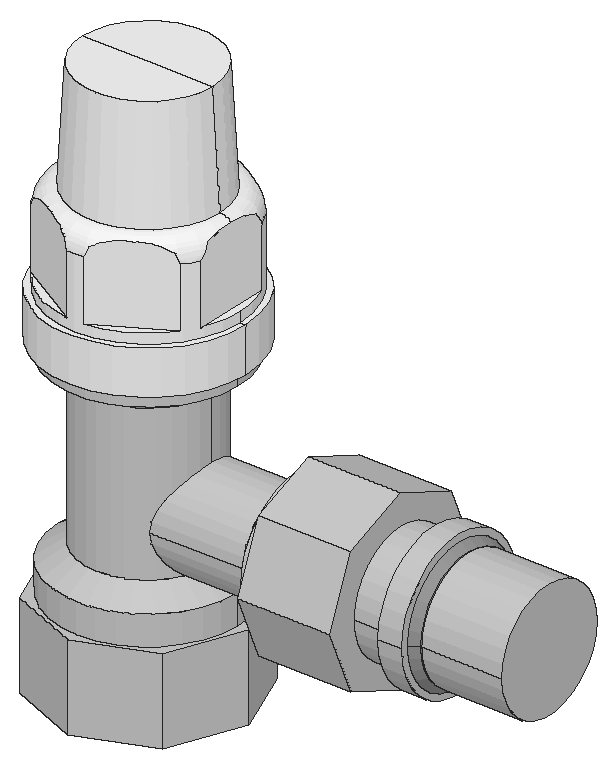
Revit family "PA_Арматура трубопроводов [клапан термостатический угловой, VT.031.NR]1 - VALTEC", category Арматура трубопроводов, Revit 2018
Family settings
  Размер круглого соединителя = Использовать диаметр
  Тип детали = Вставляется
  На основе рабочей плоскости = Нет
  Всегда вертикально = Да
  При загрузке вырезать с полостями = Нет
  Общий = Нет
Parameters (values of type "VT.031.NR")
  Таблица 1 = "PA_Арматура трубопроводов [клапан термостатический угловой, VT.031.NR] - VALTEC - Таблица 1"  # constant formula
  Материал доп.1 = Черный - VALTEC
  Изготовитель = "VALTEC"  # constant formula
  Головка термостатическая [instance] = Колпачок : Колпачок
  d9 [instance] = size_lookup(Таблица 1, "d9", 0 mm, D)  # 12.6 mm
  d8 [instance] = size_lookup(Таблица 1, "d8", 0 mm, D)  # 18.6 mm
  d7 [instance] = size_lookup(Таблица 1, "d7", 0 mm, D)  # 22.5 mm
  b7 [instance] = size_lookup(Таблица 1, "b7", 0 mm, D)  # 1.7 mm
  a6 [instance] = size_lookup(Таблица 1, "a6", 0 mm, D)  # 2.1 mm
  a5 [instance] = size_lookup(Таблица 1, "a5", 0 mm, D)  # 11.7 mm
  MM_Геометрия [instance] = if(Головка термостатическая = [1!!!НЕ ИЗМЕНЯТЬ!!!], MM_1!!!НЕ ИЗМЕНЯТЬ!!!, if(Головка термостатическая = [2!!!НЕ ИЗМЕНЯТЬ!!!], MM_2!!!НЕ ИЗМЕНЯТЬ!!!, if(Головка термостатическая = [3!!!НЕ ИЗМЕНЯТЬ!!!], MM_3!!!НЕ ИЗМЕНЯТЬ!!!, if(Головка термостатическая = [4!!!НЕ ИЗМЕНЯТЬ!!!], MM_4!!!НЕ ИЗМЕНЯТЬ!!!, if(Головка термостатическая = [5!!!НЕ ИЗМЕНЯТЬ!!!], MM_4!!!НЕ ИЗМЕНЯТЬ!!!, if(Головка термостатическая = [6!!!НЕ ИЗМЕНЯТЬ!!!], MM_5!!!НЕ ИЗМЕНЯТЬ!!!, if(Головка термостатическая = [7!!!НЕ ИЗМЕНЯТЬ!!!], MM_6!!!НЕ ИЗМЕНЯТЬ!!!, if(Головка термостатическая = [8!!!НЕ ИЗМЕНЯТЬ!!!], MM_6!!!НЕ ИЗМЕНЯТЬ!!!, if(Головка термостатическая = [9!!!НЕ ИЗМЕНЯТЬ!!!], MM_6!!!НЕ ИЗМЕНЯТЬ!!!, if(Головка термостатическая = [10!!!НЕ ИЗМЕНЯТЬ!!!], MM_6!!!НЕ ИЗМЕНЯТЬ!!!, if(Головка термостатическая = [11!!!НЕ ИЗМЕНЯТЬ!!!], MM_7!!!НЕ ИЗМЕНЯТЬ!!!, if(Головка термостатическая = [12!!!НЕ ИЗМЕНЯТЬ!!!], MM_7!!!НЕ ИЗМЕНЯТЬ!!!, if(Головка термостатическая = [13!!!НЕ ИЗМЕНЯТЬ!!!], MM_7!!!НЕ ИЗМЕНЯТЬ!!!, MM_8!!!НЕ ИЗМЕНЯТЬ!!!)))))))))))))  # MM_Обобщенные модели [колпачок, VT.031.NER] - VALTEC : VT.TE3042.0
  MM_8!!!НЕ ИЗМЕНЯТЬ!!! = MM_Обобщенные модели [колпачок, VT.031.NER] - VALTEC : VT.TE3042.0
  MM_7!!!НЕ ИЗМЕНЯТЬ!!! = MM_Обобщенные модели [сервопривод электрический, VT.TE3042] - VALTEC : VT.TE3042.0
  MM_6!!!НЕ ИЗМЕНЯТЬ!!! = MM_Обобщенные модели [сервопривод электрический, VT.TE3040] - VALTEC : VT.TE3040
  MM_5!!!НЕ ИЗМЕНЯТЬ!!! = MM_Обобщенные модели [cервопривод EQUICALOR, VT.AS1000] - VALTEC : VT.AS1000
  MM_4!!!НЕ ИЗМЕНЯТЬ!!! = MM_Обобщенные модели [головка термостатическая жидкостная, VT.5000.0] - VALTEC : VT.5000.0 - VT.5010.0
  MM_3!!!НЕ ИЗМЕНЯТЬ!!! = MM_Обобщенные модели [головка термостатическая жидкостная, VT.3000.0] - VALTEC : VT.3000.0
  MM_2!!!НЕ ИЗМЕНЯТЬ!!! = MM_Обобщенные модели [головка термостатическая жидкостная, VT.1500.0] - VALTEC : VT.1500.0
  MM_1!!!НЕ ИЗМЕНЯТЬ!!! = MM_Обобщенные модели [головка термостатическая твердотельная, VT.1000.0] - VALTEC : VT.1000.0
  ME_Информация [instance] = if(Головка термостатическая = [1!!!НЕ ИЗМЕНЯТЬ!!!], ME_1!!!НЕ ИЗМЕНЯТЬ!!!, if(Головка термостатическая = [2!!!НЕ ИЗМЕНЯТЬ!!!], ME_2!!!НЕ ИЗМЕНЯТЬ!!!, if(Головка термостатическая = [3!!!НЕ ИЗМЕНЯТЬ!!!], ME_3!!!НЕ ИЗМЕНЯТЬ!!!, if(Головка термостатическая = [4!!!НЕ ИЗМЕНЯТЬ!!!], ME_4!!!НЕ ИЗМЕНЯТЬ!!!, if(Головка термостатическая = [5!!!НЕ ИЗМЕНЯТЬ!!!], ME_5!!!НЕ ИЗМЕНЯТЬ!!!, if(Головка термостатическая = [6!!!НЕ ИЗМЕНЯТЬ!!!], ME_6!!!НЕ ИЗМЕНЯТЬ!!!, if(Головка термостатическая = [7!!!НЕ ИЗМЕНЯТЬ!!!], ME_7!!!НЕ ИЗМЕНЯТЬ!!!, if(Головка термостатическая = [8!!!НЕ ИЗМЕНЯТЬ!!!], ME_8!!!НЕ ИЗМЕНЯТЬ!!!, if(Головка термостатическая = [9!!!НЕ ИЗМЕНЯТЬ!!!], ME_9!!!НЕ ИЗМЕНЯТЬ!!!, if(Головка термостатическая = [10!!!НЕ ИЗМЕНЯТЬ!!!], ME_10!!!НЕ ИЗМЕНЯТЬ!!!, if(Головка термостатическая = [11!!!НЕ ИЗМЕНЯТЬ!!!], ME_11!!!НЕ ИЗМЕНЯТЬ!!!, if(Головка термостатическая = [12!!!НЕ ИЗМЕНЯТЬ!!!], ME_12!!!НЕ ИЗМЕНЯТЬ!!!, if(Головка термостатическая = [13!!!НЕ ИЗМЕНЯТЬ!!!], ME_13!!!НЕ ИЗМЕНЯТЬ!!!, ME_14!!!НЕ ИЗМЕНЯТЬ!!!)))))))))))))  # ME_Оборудование [колпачек] - VALTEC : ME_Оборудование [колпачек] - VALTEC
  ME_9!!!НЕ ИЗМЕНЯТЬ!!! = ME_Оборудование [сервопривод электрический, VT.TE3041.0.024] - VALTEC : ME_Оборудование [сервопривод электрический, VT.TE3041.0.024] - VALTEC
  ME_8!!!НЕ ИЗМЕНЯТЬ!!! = ME_Оборудование [сервопривод электрический, VT.TE3040.A.220] - VALTEC : ME_Оборудование [сервопривод электрический, VT.TE3040.A.220] - VALTEC
  ME_7!!!НЕ ИЗМЕНЯТЬ!!! = ME_Оборудование [сервопривод электрический, VT.TE3040.0.220] - VALTEC : ME_Оборудование [сервопривод электрический, VT.TE3040.0.220] - VALTEC
  ME_6!!!НЕ ИЗМЕНЯТЬ!!! = ME_Оборудование [cервопривод EQUICALOR, VT.AS1000] - VALTEC : ME_Оборудование [cервопривод EQUICALOR, VT.AS1000] - VALTEC
  ME_5!!!НЕ ИЗМЕНЯТЬ!!! = ME_Оборудование [головка термостатическая жидкостная, VT.5010.0] - VALTEC : ME_Оборудование [головка термостатическая жидкостная, VT.5010.0] - VALTEC
  ME_4!!!НЕ ИЗМЕНЯТЬ!!! = ME_Оборудование [головка термостатическая жидкостная, VT.5000.0] - VALTEC : ME_Оборудование [головка термостатическая жидкостная, VT.5000.0] - VALTEC
  ME_3!!!НЕ ИЗМЕНЯТЬ!!! = ME_Оборудование [головка термостатическая жидкостная, VT.3000.0] - VALTEC : ME_Оборудование [головка термостатическая жидкостная, VT.3000.0] - VALTEC
  ME_2!!!НЕ ИЗМЕНЯТЬ!!! = ME_Оборудование [головка термостатическая жидкостная, VT.1500.0] - VALTEC : ME_Оборудование [головка термостатическая жидкостная, VT.1500.0] - VALTEC
  ME_14!!!НЕ ИЗМЕНЯТЬ!!! = ME_Оборудование [колпачек] - VALTEC : ME_Оборудование [колпачек] - VALTEC
  ME_13!!!НЕ ИЗМЕНЯТЬ!!! = ME_Оборудование [сервопривод электрический, VT.TE3042.A.220] - VALTEC : ME_Оборудование [сервопривод электрический, VT.TE3042.A.220] - VALTEC
  ME_12!!!НЕ ИЗМЕНЯТЬ!!! = ME_Оборудование [сервопривод электрический, VT.TE3042.0.220] - VALTEC : ME_Оборудование [сервопривод электрический, VT.TE3042.0.220] - VALTEC
  ME_11!!!НЕ ИЗМЕНЯТЬ!!! = ME_Оборудование [сервопривод электрический, VT.TE3042.0.024] - VALTEC : ME_Оборудование [сервопривод электрический, VT.TE3042.0.024] - VALTEC
  ME_10!!!НЕ ИЗМЕНЯТЬ!!! = ME_Оборудование [сервопривод электрический, VT.TE3041.A.024] - VALTEC : ME_Оборудование [сервопривод электрический, VT.TE3041.A.024] - VALTEC
  ME_1!!!НЕ ИЗМЕНЯТЬ!!! = ME_Оборудование [головка термостатическая твердотельная, VT.1000.0] - VALTEC : ME_Оборудование [головка термостатическая твердотельная, VT.1000.0] - VALTEC
  B [instance] = size_lookup(Таблица 1, "B", 0 mm, D)  # 71 mm
  b6 [instance] = size_lookup(Таблица 1, "b6", 0 mm, D)  # 1.9 mm
  b5 [instance] = size_lookup(Таблица 1, "b5", 0 mm, D)  # 15.5 mm
  b4 [instance] = size_lookup(Таблица 1, "b4", 0 mm, D)  # 4.1 mm
  b3 [instance] = size_lookup(Таблица 1, "b3", 0 mm, D)  # 2.1 mm
  b2 [instance] = size_lookup(Таблица 1, "b2", 0 mm, D)  # 3.7 mm
  d6 [instance] = size_lookup(Таблица 1, "d6", 0 mm, D)  # 18.2 mm
  d5 [instance] = size_lookup(Таблица 1, "d5", 0 mm, D)  # 16.6 mm
  d4 [instance] = size_lookup(Таблица 1, "d4", 0 mm, D)  # 22.9 mm
  d3 [instance] = size_lookup(Таблица 1, "d3", 0 mm, D)  # 16.3 mm
  d2 [instance] = size_lookup(Таблица 1, "d2", 0 mm, D)  # 22.7 mm
  d1 [instance] = size_lookup(Таблица 1, "d1", 0 mm, D)  # 25.6 mm
  D [instance] = 15 mm
  b1 [instance] = size_lookup(Таблица 1, "b1", 0 mm, D)  # 10.8 mm
  a4 [instance] = size_lookup(Таблица 1, "a4", 0 mm, D)  # 4.4 mm
  a3 [instance] = size_lookup(Таблица 1, "a3", 0 mm, D)  # 3 mm
  a2 [instance] = size_lookup(Таблица 1, "a2", 0 mm, D)  # 1.2 mm
  a1 [instance] = size_lookup(Таблица 1, "a1", 0 mm, D)  # 10.3 mm
  URL = "https://valtec.ru/"
  C [instance] = size_lookup(Таблица 1, "C", 0 mm, D)  # 49 mm
  ADSK_Расход жидкости [instance] = 0.0 L/s
  ADSK_Примечание [instance] = ""
  ADSK_Потеря давления жидкости [instance] = 0.0 Pa
  ADSK_Позиция [instance] = ""
  ADSK_Обозначение [instance] = "VT.031.NR"  # constant formula
  ADSK_Наименование [instance] = size_lookup(Таблица 1, "", "Данный типоразмер отсутствует", D)  # "Клапан термостатический угловой с дополнительным уплотнением 1/2\""
  ADSK_Материал = Сталь, нержавеющая - VALTEC
  ADSK_Масса [instance] = 0.23  # constant formula
  ADSK_Марка [instance] = "VT.031.NR"  # constant formula
  ADSK_Код изделия [instance] = "VT.031.NR.04"  # constant formula
  ADSK_Завод-изготовитель [instance] = Изготовитель  # "VALTEC"
  ADSK_Единица измерения [instance] = "шт."  # constant formula
  ADSK_URL страницы изделия = "https://valtec.ru/catalog/radiatornaya_armatura/termostaticheskie_klapany_dlya_radiatorov/klapan_termostaticheskij_uglovoj_s_dopolnitelnym_uplotneniem.html"
  ADSK_URL документации изделия = "https://valtec.ru/document/technical/VT.031-032-n-nr-ner-0119.pdf"
  A [instance] = size_lookup(Таблица 1, "A", 0 mm, D)  # 51 mm
  9!!!НЕ ИЗМЕНЯТЬ!!! = VT.TE3041.0.024 : VT.TE3041.0.024
  8!!!НЕ ИЗМЕНЯТЬ!!! = VT.TE3040.A.220 : VT.TE3040.A.220
  7!!!НЕ ИЗМЕНЯТЬ!!! = VT.TE3040.0.220 : VT.TE3040.0.220
  6!!!НЕ ИЗМЕНЯТЬ!!! = VT.AS1000 : VT.AS1000
  5!!!НЕ ИЗМЕНЯТЬ!!! = VT.5010.0.0 : VT.5010.0.0
  4!!!НЕ ИЗМЕНЯТЬ!!! = VT.5000.0.0 : VT.5000.0.0
  3!!!НЕ ИЗМЕНЯТЬ!!! = VT.3000.0.0 : VT.3000.0.0
  2!!!НЕ ИЗМЕНЯТЬ!!! = VT.1500.0.0 : VT.1500.0.0
  14!!!НЕ ИЗМЕНЯТЬ!!! = Колпачок : Колпачок
  13!!!НЕ ИЗМЕНЯТЬ!!! = VT.TE3042.A.220 : VT.TE3042.A.220
  12!!!НЕ ИЗМЕНЯТЬ!!! = VT.TE3042.0.220 : VT.TE3042.0.220
  11!!!НЕ ИЗМЕНЯТЬ!!! = VT.TE3042.0.024 : VT.TE3042.0.024
  10!!!НЕ ИЗМЕНЯТЬ!!! = VT.TE3041.A.024 : VT.TE3041.A.024
  1!!!НЕ ИЗМЕНЯТЬ!!! = VT.1000.0.0 : VT.1000.0.0
Reference planes
  plane 1 "По центру (Вперед/Назад)": y = 0
  plane 2: z = 0
  plane 3 "По центру (Влево/Вправо)": x = 0
  plane 4: z = 49
  plane 5: z = -22
  plane 6: z = -11.2
  plane 7: z = -7.5
  plane 8: z = -5.4
  plane 9: z = -1.3
  plane 10: z = 14.2
  plane 11: z = 16.1
  plane 12: z = 17.8
  plane 13: x = 51
  plane 14: x = 40.7
  plane 15: x = 39.5
  plane 16: x = 36.5
  plane 17: x = 32.1
  plane 18: x = 20.4
  plane 19: x = 19.2
  plane 20: x = 17.1
Forms (mm)
  Extrusion 1, solid, material "Сталь, нержавеющая - VALTEC" <- "ADSK_Материал", detail levels medium+fine
    sketch origin (0, 0, 0) x (0, 1, 0) y (0, 0, 1)
      loop
        circle (0, 0) r 9.1
    from 36.5 to 39.5
  Extrusion 2, solid, material "Сталь, нержавеющая - VALTEC" <- "ADSK_Материал", detail levels medium+fine
    sketch origin (0, 0, 0) x (0, 1, 0) y (0, 0, 1)
      loop
        circle (0, 0) r 7.5
    from 40.7 to 51
  Blend 3, solid, material "Черный - VALTEC" <- "Материал доп.1", detail levels medium+fine
    base sketch origin (0, 0, 0) x (0, 1, 0) y (0, 0, 1)
      loop
        circle (0, 0) r 7.5
    top sketch origin (0, 0, 0) x (0, 1, 0) y (0, 0, 1)
      loop
        circle (0, 0) r 8.3
    from 40.7 to 39.5
  Extrusion 4, solid, material "Сталь, нержавеющая - VALTEC" <- "ADSK_Материал", detail levels medium+fine
    sketch origin (0, 0, 0) x (0, 1, 0) y (0, 0, 1)
      loop
        circle (0, 0) r 7.5
    from 32.1 to 36.5
  Extrusion 5, solid, material "Сталь, нержавеющая - VALTEC" <- "ADSK_Материал", detail levels medium+fine
    sketch origin (0, 0, 0) x (0, 1, 0) y (0, 0, 1)
      loop
        circle (0, 0) r 9.3
    from 20.4 to 19.2
  Blend 6, solid, material "Сталь, нержавеющая - VALTEC" <- "ADSK_Материал", detail levels medium+fine
    base sketch origin (0, 0, 0) x (0, 1, 0) y (0, 0, 1)
      loop
        circle (0, 0) r 9.3
    top sketch origin (0, 0, 0) x (0, 1, 0) y (0, 0, 1)
      loop
        circle (0, 0) r 6.3
    from 19.2 to 17.1
  Extrusion 7, solid, material "Сталь, нержавеющая - VALTEC" <- "ADSK_Материал", detail levels medium+fine
    sketch origin (0, 0, 0) x (0, 1, 0) y (0, 0, 1)
      loop
        circle (0, 0) r 6.3
    from 17.1 to 0
  Blend 8, solid, material "Сталь, нержавеющая - VALTEC" <- "ADSK_Материал", detail levels medium+fine
    base sketch origin (0, 0, 0) x (1, 0, 0) y (0, 1, 0)
      loop
        circle (0, 0) r 11.35
    top sketch origin (0, 0, 0) x (1, 0, 0) y (0, 1, 0)
      loop
        circle (0, 0) r 8.15
    from -7.5 to -5.4
  Extrusion 9, solid, material "Сталь, нержавеющая - VALTEC" <- "ADSK_Материал", detail levels medium+fine
    sketch origin (0, 0, 0) x (1, 0, 0) y (0, 1, 0)
      loop
        circle (0, 0) r 11.35
    from -11.2 to -7.5
  Extrusion 10, solid, material "Сталь, нержавеющая - VALTEC" <- "ADSK_Материал", detail levels medium+fine
    sketch origin (0, 0, 0) x (1, 0, 0) y (0, 1, 0)
      loop
        circle (0, 0) r 8.15
    from -5.4 to 14.2
  Extrusion 11, solid, material "Сталь, нержавеющая - VALTEC" <- "ADSK_Материал", detail levels medium+fine
    sketch origin (0, 0, 0) x (1, 0, 0) y (0, 1, 0)
      loop
        circle (0, 0) r 11.45
    from 16.1 to 17.8
  Blend 12, solid, material "Сталь, нержавеющая - VALTEC" <- "ADSK_Материал", detail levels medium+fine
    base sketch origin (0, 0, 0) x (1, 0, 0) y (0, 1, 0)
      loop
        circle (0, 0) r 8.15
    top sketch origin (0, 0, 0) x (1, 0, 0) y (0, 1, 0)
      loop
        circle (0, 0) r 11.45
    from 14.2 to 16.1
Cuts and joins
  joined: Extrusion 1, Extrusion 2, Extrusion 4, Extrusion 5, Blend 6, Extrusion 7, Blend 8, Extrusion 9, Extrusion 10, Extrusion 11, Blend 12
Lines and regions (mm)
  reference lines
    curve 1: line (0, 0, 0) -> (0, 0, -11.2)
    curve 2: line (0, 0, 0) -> (39.5, 0, 0)
  model lines, detail levels coarse
    curve 3: line (-15.2, 0, -22) -> (14.8, 0, -22)
    curve 4: line (14.8, 0, -22) -> (0, 0, 0)
    curve 5: line (0, 0, 0) -> (-15.2, 0, -22)
    curve 6: line (22, 0, 14.8) -> (22, 0, -15.2)
    curve 7: line (22, 0, 14.8) -> (0, 0, 0)
    curve 8: line (22, 0, -15.2) -> (0, 0, 0)
    curve 9: line (22, 0, 0) -> (39.5, 0, 0)
    curve 10: line (0, 0, 0) -> (0, 0, 48.8)
    curve 11: line (0, 0, 0) -> (-10, 0, 17.621)
    curve 12: line (0, 0, 0) -> (10, 0, 17.621)
  symbolic lines, detail levels coarse
    curve 13: line (-15, -22, 0) -> (15, -22, 0)
    curve 14: line (22, -15, 0) -> (22, 15, 0)
    curve 15: line (0, 0, 0) -> (0, 48.8, 0)
    curve 16: line (-15, -22, 0) -> (0, 0, 0)
    curve 17: line (15, -22, 0) -> (0, 0, 0)
    curve 18: line (0, 0, 0) -> (22, 15, 0)
    curve 19: line (22, -15, 0) -> (0, 0, 0)
    curve 20: line (22, 0, 0) -> (39.5, 0, 0)
    curve 21: line (0, 0, 0) -> (-10, 17.321, 0)
    curve 22: line (0, 0, 0) -> (10, 17.321, 0)
Dimensions and locks
  "C": plane 4 to plane 2
  "B": plane 4 to plane 5
  "b1": plane 6 to plane 5
  "b2": plane 7 to plane 6
  "b3": plane 8 to plane 7
  "b4": plane 9 to plane 8
  "b5": plane 10 to plane 9
  "b6": plane 11 to plane 10
  "b7": plane 12 to plane 11
  "A": plane 3 "По центру (Влево/Вправо)" to plane 13
  "a1": plane 14 to plane 13
  "a2": plane 15 to plane 14
  "a3": plane 16 to plane 15
  "a4": plane 17 to plane 16
  "a5": plane 18 to plane 17
  "a2": plane 19 to plane 18
  "a6": plane 20 to plane 19
  "d6": diameter of Extrusion 1 sketch curve
  locked: Extrusion 2 sketch curve to Extrusion 2 sketch curve (diameter 15 mm)
  locked: Blend 3 sketch curve to Blend 3 sketch curve (diameter 15 mm)
  "d5": diameter of Blend 3 sketch curve
  locked: Extrusion 4 sketch curve to Extrusion 4 sketch curve (diameter 15 mm)
  "d8": diameter of Extrusion 5 sketch curve
  "d8": diameter of Blend 6 sketch curve
  "d9": diameter of Blend 6 sketch curve
  "d9": diameter of Extrusion 7 sketch curve
  "d2": diameter of Blend 8 sketch curve
  "d3": diameter of Blend 8 sketch curve
  "d2": diameter of Extrusion 9 sketch curve
  "d3": diameter of Extrusion 10 sketch curve
  "d4": diameter of Extrusion 11 sketch curve
  "d3": diameter of Blend 12 sketch curve
  "d4": diameter of Blend 12 sketch curve
  aligned and locked: level to plane 2
  aligned and locked: level to Extrusion 1 sketch curve
  aligned and locked: plane 1 "По центру (Вперед/Назад)" to Extrusion 1 sketch curve
  aligned and locked: level to Extrusion 2 sketch curve
  aligned and locked: plane 1 "По центру (Вперед/Назад)" to Extrusion 2 sketch curve
  aligned and locked: plane 1 "По центру (Вперед/Назад)" to Blend 3 sketch curve  (x2)
  aligned and locked: level to Blend 3 sketch curve  (x2)
  aligned and locked: level to Extrusion 4 sketch curve
  aligned and locked: plane 1 "По центру (Вперед/Назад)" to Extrusion 4 sketch curve
  aligned and locked: plane 1 "По центру (Вперед/Назад)" to Extrusion 5 sketch curve
  aligned and locked: level to Extrusion 5 sketch curve
  aligned and locked: level to Blend 6 sketch curve  (x2)
  aligned and locked: plane 1 "По центру (Вперед/Назад)" to Blend 6 sketch curve  (x2)
  aligned and locked: level to Extrusion 7 sketch curve
  aligned and locked: plane 1 "По центру (Вперед/Назад)" to Extrusion 7 sketch curve
  aligned and locked: plane 1 "По центру (Вперед/Назад)" to Blend 8 sketch curve  (x2)
  aligned and locked: plane 3 "По центру (Влево/Вправо)" to Blend 8 sketch curve  (x2)
  aligned and locked: nested 1 to level
  aligned and locked: plane 3 "По центру (Влево/Вправо)" to Extrusion 7
  aligned and locked: plane 1 "По центру (Вперед/Назад)" to nested 1
  aligned and locked: plane 8 to Blend 8
  aligned and locked: Blend 8 to plane 7
  aligned and locked: plane 1 "По центру (Вперед/Назад)" to Extrusion 9 sketch curve
  aligned and locked: plane 3 "По центру (Влево/Вправо)" to Extrusion 9 sketch curve
  aligned and locked: Extrusion 9 to plane 6
  aligned and locked: plane 7 to Extrusion 9
  aligned and locked: plane 1 "По центру (Вперед/Назад)" to Extrusion 10 sketch curve
  aligned and locked: plane 3 "По центру (Влево/Вправо)" to Extrusion 10 sketch curve
  aligned and locked: plane 10 to Extrusion 10
  aligned and locked: plane 1 "По центру (Вперед/Назад)" to Extrusion 11 sketch curve
  aligned and locked: plane 3 "По центру (Влево/Вправо)" to Extrusion 11 sketch curve
  aligned and locked: plane 1 "По центру (Вперед/Назад)" to Blend 12 sketch curve  (x2)
  aligned and locked: plane 3 "По центру (Влево/Вправо)" to Blend 12 sketch curve  (x2)
  aligned and locked: Blend 12 to plane 10
  aligned and locked: plane 11 to Blend 12
  aligned and locked: Extrusion 11 to plane 11
  aligned and locked: plane 12 to Extrusion 11
  aligned and locked: Extrusion 2 to plane 13
  aligned and locked: Blend 3 to plane 15
  aligned and locked: Blend 3 to cut or joined group 1 (Extrusion 1, Extrusion 2, Extrusion 4, Extrusion 5, Blend 6, Extrusion 7, Blend 8, Extrusion 9, Extrusion 10, Extrusion 11, Blend 12)
  aligned and locked: Extrusion 1 to Blend 3
  aligned and locked: plane 16 to Extrusion 1
  aligned and locked: Extrusion 4 to Extrusion 1
  aligned and locked: plane 18 to nested 1
  aligned and locked: cut or joined group 1 to plane 18
  aligned and locked: plane 19 to cut or joined group 1
  aligned and locked: cut or joined group 1 to plane 19
  aligned and locked: plane 20 to cut or joined group 1
  aligned and locked: cut or joined group 1 to plane 20
  aligned and locked: plane 3 "По центру (Влево/Вправо)" to curve 2
  aligned and locked: level to curve 1
  aligned and locked: plane 6 to curve 1
  aligned and locked: plane 15 to curve 2
  aligned and locked: plane 15 to curve 9
  aligned and locked: plane 3 "По центру (Влево/Вправо)" to nested 2
  aligned and locked: nested 2 to plane 5
  aligned and locked: cut or joined group 1 to plane 8
  aligned and locked: nested 3 to plane 1 "По центру (Вперед/Назад)"
  aligned and locked: plane 1 "По центру (Вперед/Назад)" to nested 4
  aligned and locked: plane 3 "По центру (Влево/Вправо)" to nested 3
  aligned and locked: nested 4 to plane 3 "По центру (Влево/Вправо)"
  aligned and locked: plane 12 to nested 3
Automatic sketch dimensions
  plane 1 "По центру (Вперед/Назад)" to curve 15 = 0 mm
  curve 15 to plane 3 "По центру (Влево/Вправо)" = 0 mm
  plane 1 "По центру (Вперед/Назад)" to curve 20 = 0 mm
  curve 20 to plane 15 = 0 mm
  curve 13 to plane 3 "По центру (Влево/Вправо)" = 15 mm
  plane 20 to curve 17 = 2.1 mm
  curve 18 to plane 18 = 1.6 mm
  plane 1 "По центру (Вперед/Назад)" to curve 19 = 15 mm
  plane 1 "По центру (Вперед/Назад)" to curve 16 = 22 mm
  curve 21 to plane 3 "По центру (Влево/Вправо)" = 10 mm
  plane 20 to curve 22 = 7.1 mm
  curve 21 to plane 1 "По центру (Вперед/Назад)" = 17.321 mm
  curve 14 to curve 22 = 2.321 mm
  curve 22 to curve 15 = 31.479 mm
  curve 5 to plane 5 = 0 mm
  curve 5 to level = 0 mm
  curve 5 to plane 3 "По центру (Влево/Вправо)" = 0 mm
  curve 9 to level = 0 mm
  curve 3 to plane 3 "По центру (Влево/Вправо)" = 15.2 mm
  plane 20 to curve 4 = 2.3 mm
  plane 10 to curve 6 = 0.6 mm
  curve 6 to plane 18 = 1.6 mm
  curve 11 to plane 12 = 0.179 mm
  curve 11 to plane 3 "По центру (Влево/Вправо)" = 10 mm
  curve 12 to plane 12 = 0.179 mm
  plane 20 to curve 12 = 7.1 mm
  curve 8 to plane 6 = 4 mm
  curve 10 to plane 4 = 0.2 mm
Nested families
  nested 1: "Гайка - горизонталь" at (26.25, 0, 0), d3 <- "d7", B <- "a5", ADSK_Материал <- "ADSK_Материал", type "Гайка - горизонталь", detail levels medium+fine
    with hr 20.787 mm, d3 22.5 mm, B 11.7 mm, ADSK_Материал Сталь, нержавеющая - VALTEC
  nested 2: "Гайка - вертикаль" at (0, 0, -22), h3 <- "b1", d6 <- "d1", type "Гайка - вертикаль", detail levels medium+fine
    with hr 23.651 mm, h3 10.8 mm, d6 25.6 mm, ADSK_Материал Сталь, нержавеющая - VALTEC
  nested 3: "MM_Обобщенные модели [колпачок, VT.031.NER] - VALTEC" at (0, 0, 17.8), type <- "MM_Геометрия", type "VT.TE3042.0", detail levels medium+fine
  nested 4: "ME_Оборудование [колпачек] - VALTEC" at (0, 0, 0), type <- "ME_Информация", type "ME_Оборудование [колпачек] - VALTEC", detail levels medium
    with ADSK_Примечание "", ADSK_Позиция "", ADSK_Обозначение "VT.1000.0", ADSK_Наименование "Головка термостатическая твердотельная ", ADSK_Масса 0, ADSK_Код изделия "VT.1000.0.0", ADSK_Завод-изготовитель "VALTEC", ADSK_Единица измерения "шт."
Connectors
  piping at (0, 0, -11.2), diameter 15, driven by "D", driven by "ADSK_Расход жидкости", driven by "ADSK_Потеря давления жидкости"
    settings: on curve 1, index 1, connector inside diameter 609.6 mm, connector length 0 mm, flow factor 0, pipe flow 0.0 L/s, pressure drop 0.0 Pa, fitting loss kfactor 0, connector angle 0.00°, fixture units 0, engagement length 0 mm, angle of deflection 0.00°, flow configuration 0, flow direction 1, fitting loss method 4, system type 7, joint type 0, gender type 0, connector reference index 2, connector utility 0, adjustable connector no, is connector primary yes, connector description ""
  piping at (39.5, 0, 0), diameter 15, driven by "ADSK_Расход жидкости", driven by "ADSK_Потеря давления жидкости", driven by "D"
    settings: on curve 9, index 2, connector inside diameter 609.6 mm, connector length 0 mm, flow factor 0, pipe flow 0.0 L/s, pressure drop 0.0 Pa, fitting loss kfactor 0, connector angle 0.00°, fixture units 0, engagement length 0 mm, angle of deflection 0.00°, flow configuration 0, flow direction 2, fitting loss method 0, system type 7, joint type 0, gender type 0, connector reference index 1, connector utility 0, adjustable connector no, is connector primary no, connector description ""
Definition of nested family "Гайка - горизонталь"
  Parameters (values of type "Гайка - горизонталь")
    hr [instance] = d3 / 2 * cos(180.00° / 8) * 2  # 588.881 mm
    d3 [instance] = 637.4 mm
    B [instance] = 637.4 mm
    ADSK_Материал [instance] = none
  Reference planes
    plane 1 "По центру (Вперед/Назад)": y = 0
    plane 2: z = 0
    plane 3 "По центру (Влево/Вправо)": x = 0
    plane 4: y = 318.7
    plane 5: y = -318.7
    plane 6: through (0, -912.519, 2972.425) normal (0, -0.9239, -0.3827)
    plane 7: through (0, -1234.338, 2979.956) normal (0, -0.9239, -0.3827)
    plane 8: through (0, -1556.157, 2987.486) normal (0, -0.9239, -0.3827)
    plane 9: through (0, 1234.338, 2979.956) normal (0, -0.9239, 0.3827)
    plane 10: through (0, -2420.114, 1321.144) normal (0, -0.3827, -0.9239)
    plane 11: through (0, -2532.792, 1049.117) normal (0, -0.3827, -0.9239)
    plane 12: through (0, -2645.469, 777.089) normal (0, -0.3827, -0.9239)
    plane 13: through (0, 2420.114, 1321.144) normal (0, -0.3827, 0.9239)
    plane 14: through (0, 2532.792, 1049.117) normal (0, -0.3827, 0.9239)
    plane 15: through (0, 2645.469, 777.089) normal (0, -0.3827, 0.9239)
    plane 16: through (0, 912.519, 2972.425) normal (0, -0.9239, 0.3827)
    plane 17: through (0, 1234.338, 2979.956) normal (0, -0.9239, 0.3827)
    plane 18: through (0, 1556.157, 2987.486) normal (0, -0.9239, 0.3827)
    plane 19: x = 318.7
    plane 20: x = -318.7
  Forms (mm)
    Extrusion 1, solid, material <- "ADSK_Материал"
      sketch origin (0, 0, 0) x (0, 1, 0) y (0, 0, 1)
        loop
          line (0, 318.7) -> (-225.355, 225.355) -> (-318.7, 0) -> (-225.355, -225.355) -> (0, -318.7) -> (225.355, -225.355) -> (318.7, 0) -> (225.355, 225.355) -> (0, 318.7)
      from -318.7 to 318.7
  Dimensions and locks
    equal spacing: plane 4, plane 1 "По центру (Вперед/Назад)", plane 5
    "d3": plane 4 to plane 5
    equal spacing: plane 8, plane 7, plane 6
    "hr": plane 8 to plane 6
    equal spacing: plane 12, plane 11, plane 10
    "hr": plane 12 to plane 10
    equal spacing: plane 15, plane 14, plane 13
    "hr": plane 15 to plane 13
    equal spacing: plane 18, plane 17, plane 16
    "hr": plane 18 to plane 16
    equal spacing: plane 20, plane 3 "По центру (Влево/Вправо)", plane 19
    "B": plane 20 to plane 19
    aligned and locked: level to plane 2
    aligned and locked: plane 10 to Extrusion 1 sketch curve
    aligned and locked: plane 13 to Extrusion 1 sketch curve
    aligned and locked: plane 16 to Extrusion 1 sketch curve
    aligned and locked: Extrusion 1 sketch curve to plane 8
    aligned and locked: Extrusion 1 sketch curve to plane 12
    aligned and locked: Extrusion 1 sketch curve to plane 15
    aligned and locked: Extrusion 1 sketch curve to plane 18
    aligned and locked: plane 6 to Extrusion 1 sketch curve
    aligned and locked: plane 19 to Extrusion 1
    aligned and locked: plane 20 to Extrusion 1
    aligned and locked: Extrusion 1 to plane 19
Definition of nested family "Гайка - вертикаль"
  Parameters (values of type "Гайка - вертикаль")
    h3 [instance] = 7.5 mm
    hr [instance] = d6 / 2 * cos(180.00° / 8) * 2  # 11.918 mm
    d6 [instance] = 12.9 mm
    ADSK_Материал [instance] = none
  Reference planes
    plane 1 "По центру (Вперед/Назад)": y = 0
    plane 2: z = 0
    plane 3 "По центру (Влево/Вправо)": x = 0
    plane 4: x = -6.45
    plane 5: x = 6.45
    plane 6: through (737.894, 1797.006, 1200) normal (0.9239, -0.3827, 0)
    plane 7: through (765.367, 1847.759, 1200) normal (0.9239, -0.3827, 0)
    plane 8: through (792.839, 1898.512, 1200) normal (0.9239, -0.3827, 0)
    plane 9: through (-737.894, 1797.006, 1200) normal (0.9239, 0.3827, 0)
    plane 10: through (-765.367, 1847.759, 1200) normal (0.9239, 0.3827, 0)
    plane 11: through (-792.839, 1898.512, 1200) normal (0.9239, 0.3827, 0)
    plane 12: through (1845.479, 770.872, 1200) normal (0.3827, -0.9239, 0)
    plane 13: through (1847.759, 765.367, 1200) normal (0.3827, -0.9239, 0)
    plane 14: through (1850.039, 759.861, 1200) normal (0.3827, -0.9239, 0)
    plane 15: through (-1845.479, 770.872, 1200) normal (0.3827, 0.9239, 0)
    plane 16: through (-1847.759, 765.367, 1200) normal (0.3827, 0.9239, 0)
    plane 17: through (-1850.039, 759.861, 1200) normal (0.3827, 0.9239, 0)
    plane 18: z = 7.5
  Forms (mm)
    Extrusion 1, solid, material <- "ADSK_Материал"
      sketch origin (0, 0, 0) x (1, 0, 0) y (0, 1, 0)
        loop
          line (0, 6.45) -> (-4.561, 4.561) -> (-6.45, 0) -> (-4.561, -4.561) -> (0, -6.45) -> (4.561, -4.561) -> (6.45, 0) -> (4.561, 4.561) -> (0, 6.45)
      from 0 to 7.5
  Dimensions and locks
    equal spacing: plane 4, plane 3 "По центру (Влево/Вправо)", plane 5
    "d6": plane 4 to plane 5
    equal spacing: plane 6, plane 7, plane 8
    "hr": plane 6 to plane 8
    equal spacing: plane 9, plane 10, plane 11
    "hr": plane 9 to plane 11
    equal spacing: plane 12, plane 13, plane 14
    "hr": plane 12 to plane 14
    equal spacing: plane 15, plane 16, plane 17
    "hr": plane 15 to plane 17
    "h3": plane 18 to plane 2
    aligned and locked: level to plane 2
    aligned and locked: plane 12 to Extrusion 1 sketch curve
    aligned and locked: plane 15 to Extrusion 1 sketch curve
    aligned and locked: plane 9 to Extrusion 1 sketch curve
    aligned and locked: Extrusion 1 sketch curve to plane 8
    aligned and locked: Extrusion 1 sketch curve to plane 14
    aligned and locked: Extrusion 1 sketch curve to plane 17
    aligned and locked: Extrusion 1 sketch curve to plane 11
    aligned and locked: plane 6 to Extrusion 1 sketch curve
    aligned and locked: plane 18 to Extrusion 1
Definition of nested family "MM_Обобщенные модели [колпачок, VT.031.NER] - VALTEC"
  Parameters (values of type "VT.TE3042.0")
    Manufacturer = ""
    URL = ""
    ADSK_Материал = none
  Reference planes
    plane 1 "По центру (Вперед/Назад)": y = 0
    plane 2: z = 0
    plane 3 "По центру (Влево/Вправо)": x = 0
    plane 4: z = 31.3
    plane 5: y = 5.5
    plane 6: y = -5.5
    plane 7: x = -12.45
    plane 8: z = 5.6
    plane 9: z = 17.2
    plane 10: x = -11.65
    plane 11: x = -9.05
    plane 12: x = -8.25
    plane 13: x = 12.45
    plane 14: x = 11.65
    plane 15: x = 9.05
    plane 16: x = 8.25
    plane 17: z = 6.832
  Forms (mm)
    Revolve 1, solid, material <- "ADSK_Материал"
      sketch origin (0, 0, 0) x (1, 0, 0) y (0, 0, 1)
        loop
          line (-8.25, 31.3) -> (-9.05, 17.2)
          arc (-9.05, 17.2) -> (-10.937, 16.382) -> (-11.65, 14.452) r 2.617
          line (-11.65, 14.452) -> (-11.65, 5.6) -> (-12.45, 5.6) -> (-12.45, 0) -> (0, 0) -> (0, 31.3) -> (-8.25, 31.3)
        axis (0, 31.3) -> (0, 0)
      angle from 0 to 360
    Extrusion 2, void
      sketch origin (0, 0, 0) x (1, 0, 0) y (0, 1, 0)
        loop
          line (-12.45, 5.5) -> (-12.45, -5.5) -> (-10.583, -5.5) -> (-10.583, 5.5) -> (-12.45, 5.5)
      from 6.832 to 17.2
    Extrusion 3, void
      sketch origin (0, 0, 0) x (0.5, -0.866025, 0) y (0.866025, 0.5, 0)
        loop
          line (-12.45, 5.5) -> (-12.45, -5.5) -> (-10.583, -5.5) -> (-10.583, 5.5) -> (-12.45, 5.5)
      from 6.832 to 17.2
    Extrusion 4, void
      sketch origin (0, 0, 0) x (-0.5, -0.866025, 0) y (0.866025, -0.5, 0)
        loop
          line (-12.45, 5.5) -> (-12.45, -5.5) -> (-10.583, -5.5) -> (-10.583, 5.5) -> (-12.45, 5.5)
      from 6.832 to 17.2
    Extrusion 5, void
      sketch origin (0, 0, 0) x (-1, 0, 0) y (0, -1, 0)
        loop
          line (-12.45, 5.5) -> (-12.45, -5.5) -> (-10.583, -5.5) -> (-10.583, 5.5) -> (-12.45, 5.5)
      from 6.832 to 17.2
    Extrusion 6, void
      sketch origin (0, 0, 0) x (-0.5, 0.866025, 0) y (-0.866025, -0.5, 0)
        loop
          line (-12.45, 5.5) -> (-12.45, -5.5) -> (-10.583, -5.5) -> (-10.583, 5.5) -> (-12.45, 5.5)
      from 6.832 to 17.2
    Extrusion 7, void
      sketch origin (0, 0, 0) x (0.5, 0.866025, 0) y (-0.866025, 0.5, 0)
        loop
          line (-12.45, 5.5) -> (-12.45, -5.5) -> (-10.583, -5.5) -> (-10.583, 5.5) -> (-12.45, 5.5)
      from 6.832 to 17.2
  Cuts and joins
    Extrusion 2, Extrusion 3, Extrusion 4, Extrusion 5, Extrusion 6, Extrusion 7 cuts Revolve 1
  Lines and regions (mm)
    reference lines
      curve 1: line (0, 0, 0) -> (0, 0, 25)
      curve 2: line (0, -12.5, 0) -> (0, 12.5, 0)
      curve 3: line (12.5, 0, 0) -> (-12.5, 0, 0)
  Dimensions and locks
    locked: plane 4 to plane 2 at 31.3
    plane 6 to plane 1 "По центру (Вперед/Назад)" to plane 5 = 5.5 mm locked, 5.5 mm locked
    locked: plane 8 to plane 2 at 5.6
    locked: plane 9 to plane 8 at 11.6
    plane 13 to plane 14 to plane 15 to plane 16 to plane 3 "По центру (Влево/Вправо)" to plane 12 to plane 11 to plane 10 to plane 7 = 0.8 mm locked, 2.6 mm locked, 0.8 mm locked, 8.25 mm locked, 8.25 mm locked, 0.8 mm locked, 2.6 mm locked, 0.8 mm locked
    locked: plane 17 to plane 8 at 1.232
    aligned and locked: level to plane 2
    aligned and locked: Revolve 1 sketch curve to plane 8
    aligned and locked: plane 10 to Revolve 1 sketch curve
    aligned and locked: plane 7 to Revolve 1 sketch curve
    aligned and locked: level to Revolve 1 sketch curve
    aligned and locked: Revolve 1 sketch curve to plane 3 "По центру (Влево/Вправо)"  (x2)
    aligned and locked: plane 12 to Revolve 1 sketch curve
    aligned and locked: Revolve 1 sketch curve to plane 4
    aligned and locked: Extrusion 2 to plane 17
Definition of nested family "ME_Оборудование [колпачек] - VALTEC"
  Parameters (values of type "ME_Оборудование [колпачек] - VALTEC")
    Manufacturer = "VALTEC"  # constant formula
    URL = "https://valtec.ru/"
    D = 10 mm  # constant formula
    ADSK_Примечание [instance] = ""
    ADSK_Позиция [instance] = ""
    ADSK_Обозначение [instance] = "VT.1000.0"
    ADSK_Наименование [instance] = "Головка термостатическая твердотельная "
    ADSK_Материал = none
    ADSK_Масса [instance] = 0
    ADSK_Код изделия [instance] = "VT.1000.0.0"
    ADSK_Завод-изготовитель [instance] = "VALTEC"  # constant formula
    ADSK_Единица измерения [instance] = "шт."  # constant formula
    ADSK_URL страницы изделия = "https://valtec.ru/catalog/elementy_avtomatiki/termogolovki_i_privody/golovka_termostaticheskaya_tverdotelnaya_vt10000.html"
    ADSK_URL документации изделия = "https://valtec.ru/document/technical/VT.1000-0916.pdf"
  Reference planes
    plane 1 "По центру (Вперед/Назад)": y = 0
    plane 2: z = 0
    plane 3 "По центру (Влево/Вправо)": x = 0
  Forms (mm)
    Revolve 1, solid, material <- "ADSK_Материал"
      sketch origin (0, 0, 0) x (1, 0, 0) y (0, 1, 0)
        loop
          line (0, -5) -> (0, 5)
          arc (0, 5) -> (-5, 0) -> (0, -5) r 5
        axis (0, 5) -> (0, -5)
      angle from 0 to 360
  Lines and regions (mm)
    reference lines
      curve 1: line (0, 5, 0) -> (0, -5, 0)
      curve 2: line (-5, 0, 0) -> (5, 0, 0)
      curve 3: line (0, 0, 5) -> (0, 0, -5)
  Dimensions and locks
    equal spacing: curve 1, plane 1 "По центру (Вперед/Назад)", curve 1
    "D": curve 1 to curve 1
    equal spacing: curve 2, plane 3 "По центру (Влево/Вправо)", curve 2
    "D": curve 2 to curve 2
    equal spacing: curve 3, level, curve 3
    "D": curve 3 to curve 3
    "D": diameter of Revolve 1 sketch curve
    aligned and locked: level to plane 2
    aligned and locked: curve 1 to plane 3 "По центру (Влево/Вправо)"
    aligned and locked: Revolve 1 sketch curve to plane 3 "По центру (Влево/Вправо)"  (x2)
    aligned and locked: plane 1 "По центру (Вперед/Назад)" to curve 2
    aligned and locked: curve 3 to plane 3 "По центру (Влево/Вправо)"
  Automatic sketch dimensions
    plane 1 "По центру (Вперед/Назад)" to Revolve 1 sketch curve = 0 mm
    Revolve 1 sketch curve to Revolve 1 sketch curve = 1995 mm  (x2)
